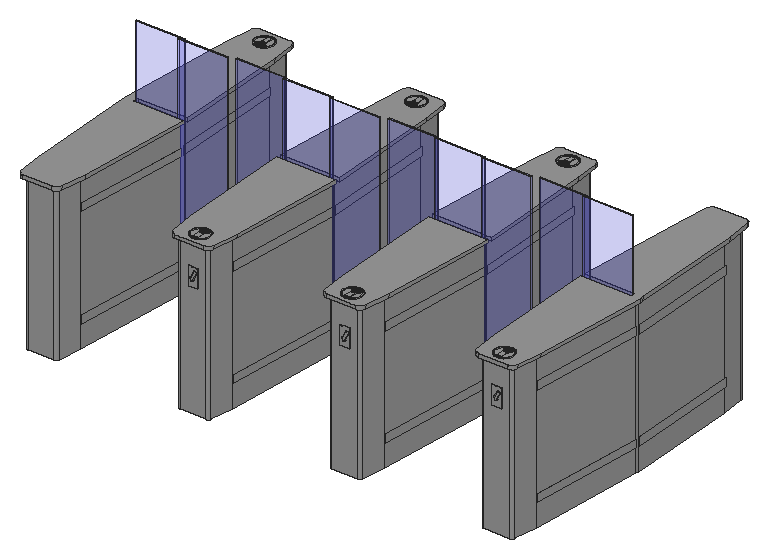
Revit family "ST-02", category Обобщенные модели, Revit 2019
Family settings
  Может служить основой для арматурных стержней = Нет
  Размер круглого соединителя = Использовать диаметр
  Тип детали = Нормальный
  На основе рабочей плоскости = Нет
  Всегда вертикально = Да
  При загрузке вырезать с полостями = Нет
  Общий = Нет
  Точка расчета площади = Нет
Parameters (values of type "3 и более проходов")
  Ширина6в [instance] = Ширина1 + Ширина2а + Ширина3а + Ширина4а + Ширина5а + Ширина6а  # 2946 mm
  Ширина6а [instance] = if(Количество проходов по факту > 5, Ширина6, 0 mm)  # 0 mm
  Ширина6 [instance] = if(and(Тип прохода 6 = Тип1, Тип с 6 = Типс1), 982 mm, if(and(Тип прохода 6 = Тип1, or(Тип с 6 = Типс2, Тип с 6 = Типс3)), 1057 mm, 1432 mm))  # 982 mm
  Ширина5а [instance] = if(Количество проходов по факту > 4, Ширина5, 0 mm)  # 0 mm
  Ширина5 [instance] = if(and(Тип прохода 5 = Тип1, and(Тип с 5 = Типс1, Тип с 6 = Типс1)), 982 mm, if(and(Тип прохода 5 = Тип1, and(or(Тип с 5 = Типс2, Тип с 5 = Типс3), or(Тип с 6 = Типс2, Тип с 6 = Типс3))), 1132 mm, if(and(Тип прохода 5 = Тип1, or(or(Тип с 5 = Типс2, Тип с 5 = Типс3), or(Тип с 6 = Типс2, Тип с 6 = Типс3))), 1057 mm, 1432 mm)))  # 982 mm
  Ширина4а [instance] = if(Количество проходов по факту > 3, Ширина4, 0 mm)  # 0 mm
  Ширина4 [instance] = if(and(Тип прохода 4 = Тип1, and(Тип с 4 = Типс1, Тип с 5 = Типс1)), 982 mm, if(and(Тип прохода 4 = Тип1, and(or(Тип с 4 = Типс2, Тип с 4 = Типс3), or(Тип с 5 = Типс2, Тип с 5 = Типс3))), 1132 mm, if(and(Тип прохода 4 = Тип1, or(or(Тип с 4 = Типс2, Тип с 4 = Типс3), or(Тип с 5 = Типс2, Тип с 5 = Типс3))), 1057 mm, 1432 mm)))  # 982 mm
  Ширина3а [instance] = if(Количество проходов по факту > 2, Ширина3, 0 mm)  # 982 mm
  Ширина3 [instance] = if(and(Тип прохода 3 = Тип1, and(Тип с 3 = Типс1, Тип с 4 = Типс1)), 982 mm, if(and(Тип прохода 3 = Тип1, and(or(Тип с 4 = Типс2, Тип с 3 = Типс3), or(Тип с 4 = Типс2, Тип с 4 = Типс3))), 1132 mm, if(and(Тип прохода 3 = Тип1, or(or(Тип с 3 = Типс2, Тип с 3 = Типс3), or(Тип с 4 = Типс2, Тип с 4 = Типс3))), 1057 mm, 1432 mm)))  # 982 mm
  Ширина2а [instance] = if(Количество проходов по факту > 1, Ширина2, 0 mm)  # 982 mm
  Ширина2 [instance] = if(and(Тип прохода 2 = Тип1, and(Тип с 2 = Типс1, Тип с 3 = Типс1)), 982 mm, if(and(Тип прохода 2 = Тип1, and(or(Тип с 2 = Типс2, Тип с 2 = Типс3), or(Тип с 3 = Типс2, Тип с 3 = Типс3))), 1132 mm, if(and(Тип прохода 2 = Тип1, or(or(Тип с 2 = Типс2, Тип с 2 = Типс3), or(Тип с 3 = Типс2, Тип с 3 = Типс3))), 1057 mm, 1432 mm)))  # 982 mm
  Ширина1 [instance] = if(and(Тип прохода 1 = Тип1, Тип с 2 = Типс1), 982 mm, if(and(Тип прохода 1 = Тип1, or(Тип с 2 = Типс2, Тип с 2 = Типс3)), 1057 mm, 1432 mm))  # 982 mm
  Типс3 [instance] = Для 600 900  # Секция Двусторонняя-STD02 600/900 : Секция Двусторонняя-STD02 600/900
  Типс2с [instance] = Секция Slave-ST02 900 : Секция Slave-ST02 900
  Типс2м [instance] = Секция Master-ST02 900 : Секция Master-ST02 900
  Типс2 [instance] = Секция Двусторонняя-STD02 900 : Секция Двусторонняя-STD02 900
  Типс1с [instance] = Секция Slave-ST02 600 : Секция Slave-ST02 600
  Типс1м [instance] = Секция Master-ST02 600 : Секция Master-ST02 600
  Типс1 [instance] = Секция Двусторонняя-STD02 600 : Секция Двусторонняя-STD02 600
  Тип с 77 [instance] = if(Тип ст 6 = Типст2, Типс2с, Типс1с)  # Секция Slave-ST02 600 : Секция Slave-ST02 600
  Тип с 76 [instance] = if(Тип ст 5 = Типст2, Типс2с, Типс1с)  # Секция Slave-ST02 600 : Секция Slave-ST02 600
  Тип с 75 [instance] = if(Тип ст 4 = Типст2, Типс2с, Типс1с)  # Секция Slave-ST02 600 : Секция Slave-ST02 600
  Тип с 73 [instance] = if(Тип ст 2 = Типст2, Типс2с, Типс1с)  # Секция Slave-ST02 600 : Секция Slave-ST02 600
  Тип с 74 [instance] = if(Тип ст 3 = Типст2, Типс2с, Типс1с)  # Секция Slave-ST02 600 : Секция Slave-ST02 600
  Тип с 1 [instance] = if(Тип ст 1 = Типст2, Типс2м, Типс1м)  # Секция Master-ST02 600 : Секция Master-ST02 600
  Тип с 72 [instance] = if(Тип ст 1 = Типст2, Типс2с, Типс1с)  # Секция Slave-ST02 600 : Секция Slave-ST02 600
  Тип с 6 [instance] = if(and(Тип ст 5 = Типст2, Тип ст 6 = Типст2), Типс2, if(or(Тип ст 5 = Типст2, Тип ст 6 = Типст2), Типс3, Типс1))  # Секция Двусторонняя-STD02 600 : Секция Двусторонняя-STD02 600
  Тип с 5 [instance] = if(and(Тип ст 4 = Типст2, Тип ст 5 = Типст2), Типс2, if(or(Тип ст 4 = Типст2, Тип ст 5 = Типст2), Типс3, Типс1))  # Секция Двусторонняя-STD02 600 : Секция Двусторонняя-STD02 600
  Тип с 4 [instance] = if(and(Тип ст 3 = Типст2, Тип ст 4 = Типст2), Типс2, if(or(Тип ст 3 = Типст2, Тип ст 4 = Типст2), Типс3, Типс1))  # Секция Двусторонняя-STD02 600 : Секция Двусторонняя-STD02 600
  Тип с 3 [instance] = if(and(Тип ст 2 = Типст2, Тип ст 3 = Типст2), Типс2, if(or(Тип ст 2 = Типст2, Тип ст 3 = Типст2), Типс3, Типс1))  # Секция Двусторонняя-STD02 600 : Секция Двусторонняя-STD02 600
  Тип с 2 [instance] = if(and(Тип ст 1 = Типст2, Тип ст 2 = Типст2), Типс2, if(or(Тип ст 1 = Типст2, Тип ст 2 = Типст2), Типс3, Типс1))  # Секция Двусторонняя-STD02 600 : Секция Двусторонняя-STD02 600
  Типст2 [instance] = Створка для ST-02 : Створка 470
  Типст1 [instance] = Створка для ST-02 : Створка 320
  Тип2 [instance] = Проход : Проход 900
  Тип1 [instance] = Проход : Проход 600
  Тип ст 6 [instance] = if(Тип прохода 6 = Тип1, Типст1, if(Тип прохода 6 = Тип2, Типст2, Типст1))  # Створка для ST-02 : Створка 320
  Тип ст 5 [instance] = if(Тип прохода 5 = Тип1, Типст1, if(Тип прохода 5 = Тип2, Типст2, Типст1))  # Створка для ST-02 : Створка 320
  Тип ст 4 [instance] = if(Тип прохода 4 = Тип1, Типст1, if(Тип прохода 4 = Тип2, Типст2, Типст1))  # Створка для ST-02 : Створка 320
  Тип ст 3 [instance] = if(Тип прохода 3 = Тип1, Типст1, if(Тип прохода 3 = Тип2, Типст2, Типст1))  # Створка для ST-02 : Створка 320
  Тип ст 2 [instance] = if(Тип прохода 2 = Тип1, Типст1, if(Тип прохода 2 = Тип2, Типст2, Типст1))  # Створка для ST-02 : Створка 320
  Тип ст 1 [instance] = if(Тип прохода 1 = Тип1, Типст1, if(Тип прохода 1 = Тип2, Типст2, Типст1))  # Створка для ST-02 : Створка 320
  Тип прохода 6 [instance] = Проход : Проход 600
  Тип прохода 5 [instance] = Проход : Проход 600
  Тип прохода 4 [instance] = Проход : Проход 600
  Тип прохода 3 [instance] = Проход : Проход 600
  Тип прохода 2 [instance] = Проход : Проход 600
  Тип прохода 1 [instance] = Проход : Проход 600
  Тип последней секции [instance] = if(Количество проходов по факту = 1, Тип с 72, if(Количество проходов по факту = 2, Тип с 73, if(Количество проходов по факту = 3, Тип с 74, if(Количество проходов по факту = 4, Тип с 75, if(Количество проходов по факту = 5, Тип с 76, if(Количество проходов по факту = 6, Тип с 77, Тип с 77))))))  # Секция Slave-ST02 600 : Секция Slave-ST02 600
  Ст6 [instance] = if(or(Тип ст 5 = Типст2, Тип ст 6 = Типст2), Типст2, Типст1)  # Створка для ST-02 : Створка 320
  Ст5 [instance] = if(or(Тип ст 4 = Типст2, Тип ст 5 = Типст2), Типст2, Типст1)  # Створка для ST-02 : Створка 320
  Ст4 [instance] = if(or(Тип ст 3 = Типст2, Тип ст 4 = Типст2), Типст2, Типст1)  # Створка для ST-02 : Створка 320
  Ст3 [instance] = if(or(Тип ст 2 = Типст2, Тип ст 3 = Типст2), Типст2, Типст1)  # Створка для ST-02 : Створка 320
  Ст2 [instance] = if(or(Тип ст 1 = Типст2, Тип ст 2 = Типст2), Типст2, Типст1)  # Створка для ST-02 : Створка 320
  Р7 [instance] = if(Тип с 72 = Типс1с, 311 mm, 386 mm)  # 311 mm
  Р6 [instance] = if(Тип с 6 = Типс1, 311 mm, 386 mm)  # 311 mm
  Р5 [instance] = if(Тип с 5 = Типс1, 311 mm, 386 mm)  # 311 mm
  Р4 [instance] = if(Тип с 4 = Типс1, 311 mm, 386 mm)  # 311 mm
  Р3 [instance] = if(Тип с 3 = Типс1, 311 mm, 386 mm)  # 311 mm
  Р2 [instance] = if(Тип с 2 = Типс1, 311 mm, 386 mm)  # 311 mm
  Р1 [instance] = if(Тип с 1 = Типс1м, 311 mm, 386 mm)  # 311 mm
  Пропускная способность = "if(Количество проходов = 1, \" до 60 чел/мин\", if(Количество проходов = 2, \" до 120 чел/мин\", if(Количество проходов = 3, \" до 180 чел/мин\", if(Количество проходов = 4, \" до 240 чел/мин\", if(Количество проходов = 5, \" до 300 чел/мин\", if(Количество проходов = 6, \" до 360 чел/мин\", \"0\"))))))"
  Количество проходов тип = 3
  Количество проходов по факту [instance] = if(Количество проходов тип = 1, 1, if(Количество проходов тип = 2, 2, Количество проходов))  # 3
  Количество проходов [instance] = 3
  Для 600 900 = Секция Двусторонняя-STD02 600/900 : Секция Двусторонняя-STD02 600/900
  Вс6 [instance] = Количество проходов по факту > 5  # no
  Вс5 [instance] = Количество проходов по факту > 4  # no
  Вс4 [instance] = Количество проходов по факту > 3  # no
  Вс3 [instance] = Количество проходов по факту > 2  # yes
  Вс2 [instance] = Количество проходов по факту > 1  # yes
  ADSK_Примечание = ""
  ADSK_Номинальная мощность = 160 W
  ADSK_Напряжение = 24 V
  ADSK_Наименование краткое = "Скоростной проход ST-02"
  ADSK_Наименование = "Турникет \"Скоростной проход\" PERCo-ST-02"
  ADSK_Завод-изготовитель = "PERCo"
  ADSK_URL страницы изделия = "https://www.perco.ru/products/skorostnoy-prokhod-st-02-atg-600.php"
Reference planes
  plane 1 "По центру (Вперед/Назад)": y = 0
  plane 2: z = 0
  plane 3 "По центру (Влево/Вправо)": x = 0
  plane 4: x = 982
  plane 5: x = 1964
  plane 6: x = 2946
  plane 7: x = 2946
  plane 8: x = 2946
  plane 9: x = 2946
  plane 10: x = 311
  plane 11: x = 671
  plane 12: x = 1293
  plane 13: x = 1653
  plane 14: x = 2275
  plane 15: x = 2635
  plane 16: x = 3257
  plane 17: x = 2635
  plane 18: x = 3257
  plane 19: x = 2635
  plane 20: x = 3257
  plane 21: x = 2635
  plane 22: x = 491
Lines and regions (mm)
  model lines
    curve 1: line (0, 0, 0) -> (0, 0, 180)
    curve 2: line (982, 0, 0) -> (982, 0, 180)
    curve 3: line (1964, 0, 0) -> (1964, 0, 180)
    curve 4: line (2946, 0, 0) -> (2946, 0, 180)
    curve 5: line (2946, 0, 0) -> (2946, 0, 180)
    curve 6: line (2946, 0, 0) -> (2946, 0, 180)
    curve 7: line (2946, 0, 0) -> (2946, 0, 180)
Dimensions and locks
  "Р7": plane 9 to plane 21
  "Ширина1": plane 3 "По центру (Влево/Вправо)" to plane 4
  "Ширина2а": plane 4 to plane 5
  "Ширина3а": plane 5 to plane 6
  "Ширина4а": plane 6 to plane 7
  "Ширина5а": plane 7 to plane 8
  "Ширина6в": plane 3 "По центру (Влево/Вправо)" to plane 9
  "Р1": plane 10 to plane 3 "По центру (Влево/Вправо)"
  "Р3": plane 14 to plane 5 to plane 13
  "Р4": plane 16 to plane 6 to plane 15
  "Р5": plane 18 to plane 7 to plane 17
  "Р6": plane 20 to plane 8 to plane 19
  "Р2": plane 4 to plane 11
  "Р2": plane 12 to plane 4
  equal spacing: plane 3 "По центру (Влево/Вправо)", plane 22, plane 4
  aligned and locked: level to plane 2
  aligned and locked: plane 3 "По центру (Влево/Вправо)" to nested 1
  aligned and locked: plane 4 to nested 2
  aligned and locked: plane 5 to nested 3
  aligned and locked: plane 6 to nested 4
  aligned and locked: plane 7 to nested 5
  aligned and locked: plane 8 to nested 6
  aligned and locked: plane 9 to nested 7
  aligned and locked: nested 8 to plane 10
  aligned and locked: plane 20 to nested 13
  aligned and locked: plane 18 to nested 12
  aligned and locked: plane 16 to nested 11
  aligned and locked: plane 21 to nested 15
  aligned and locked: plane 19 to nested 16
  aligned and locked: plane 17 to nested 17
  aligned and locked: plane 15 to nested 18
  aligned and locked: plane 13 to nested 19
  aligned and locked: plane 14 to nested 10
  aligned and locked: plane 11 to nested 14
  aligned and locked: plane 12 to nested 9
  aligned and locked: plane 3 "По центру (Влево/Вправо)" to curve 1
  aligned and locked: plane 4 to curve 2
  aligned and locked: plane 5 to curve 3
  aligned and locked: plane 6 to curve 4
  aligned and locked: plane 7 to curve 5
  aligned and locked: plane 8 to curve 6
  aligned and locked: plane 9 to curve 7
  aligned and locked: plane 22 to nested 20
Automatic sketch dimensions
  curve 1 to level = 0 mm
  curve 6 to level = 0 mm
  curve 2 to level = 0 mm
  curve 5 to level = 0 mm
  curve 3 to level = 0 mm
  curve 4 to level = 0 mm
  curve 7 to level = 0 mm
  level to curve 2 = 180 mm
  level to curve 5 = 180 mm
  level to curve 1 = 180 mm
  level to curve 6 = 180 mm
  level to curve 4 = 180 mm
  level to curve 3 = 180 mm
  level to curve 7 = 180 mm
Nested families
  nested 1: "Секция Master-ST02 600" at (0, 0, 0), type <- "Тип с 1", type "Секция Master-ST02 600"
  nested 2: "Секция Двусторонняя-STD02 600" at (982, 0, 0), visible <- "Вс2", type <- "Тип с 2", type "Секция Двусторонняя-STD02 600"
  nested 3: "Секция Двусторонняя-STD02 600" at (1964, 0, 0), visible <- "Вс3", type <- "Тип с 3", type "Секция Двусторонняя-STD02 600"
  nested 4: "Секция Двусторонняя-STD02 600" at (2946, 0, 0), visible <- "Вс4", type <- "Тип с 4", type "Секция Двусторонняя-STD02 600"
  nested 5: "Секция Двусторонняя-STD02 600" at (2946, 0, 0), visible <- "Вс5", type <- "Тип с 5", type "Секция Двусторонняя-STD02 600"
  nested 6: "Секция Двусторонняя-STD02 600" at (2946, 0, 0), visible <- "Вс6", type <- "Тип с 6", type "Секция Двусторонняя-STD02 600"
  nested 7: "Секция Slave-ST02 600" at (2946, 0, 0), type <- "Тип последней секции", type "Секция Slave-ST02 600"
  nested 8: "Створка для ST-02" at (311, -10, 250), type <- "Тип ст 1", type "Створка 320"
    with ADSK_Количество 0.5
  nested 9: "Створка для ST-02" at (1293, -10, 250), visible <- "Вс2", type <- "Тип ст 2", type "Створка 320"
    with ADSK_Количество 0.5
  nested 10: "Створка для ST-02" at (2275, -10, 250), visible <- "Вс3", type <- "Тип ст 3", type "Створка 320"
    with ADSK_Количество 0.5
  nested 11: "Створка для ST-02" at (3257, -10, 250), visible <- "Вс4", type <- "Тип ст 4", type "Створка 320"
    with ADSK_Количество 0.5
  nested 12: "Створка для ST-02" at (3257, -10, 250), visible <- "Вс5", type <- "Тип ст 5", type "Створка 320"
    with ADSK_Количество 0.5
  nested 13: "Створка для ST-02" at (3257, -10, 250), visible <- "Вс6", type <- "Тип ст 6", type "Створка 320"
    with ADSK_Количество 0.5
  nested 14: "Створка для ST-02" at (671, 10, 250) x (-1, 0, 0) z (0, 0, 1), type <- "Тип ст 1", type "Створка 320"
    with ADSK_Количество 0.5
  nested 15: "Створка для ST-02" at (2635, 10, 250) x (-1, 0, 0) z (0, 0, 1), visible <- "Вс6", type <- "Тип ст 6", type "Створка 320"
    with ADSK_Количество 0.5
  nested 16: "Створка для ST-02" at (2635, 10, 250) x (-1, 0, 0) z (0, 0, 1), type <- "Тип ст 5", visible <- "Вс5", type "Створка 320"
    with ADSK_Количество 0.5
  nested 17: "Створка для ST-02" at (2635, 10, 250) x (-1, 0, 0) z (0, 0, 1), visible <- "Вс4", type <- "Тип ст 4", type "Створка 320"
    with ADSK_Количество 0.5
  nested 18: "Створка для ST-02" at (2635, 10, 250) x (-1, 0, 0) z (0, 0, 1), visible <- "Вс3", type <- "Тип ст 3", type "Створка 320"
    with ADSK_Количество 0.5
  nested 19: "Створка для ST-02" at (1653, 10, 250) x (-1, 0, 0) z (0, 0, 1), visible <- "Вс2", type <- "Тип ст 2", type "Створка 320"
    with ADSK_Количество 0.5
  nested 20: "Стрелка" at (491, 840, 0), type "Стрелка"
Connectors
  electrical at (0, 0, 0)
    settings: on curve 1, index 1, voltage 24 V, apparent load 204 VA, apparent load phase1 0 VA, apparent load phase2 0 VA, apparent load phase3 0 VA, power factor 1, load classification "Прочее", number of poles 1, system type 30, power factor state 1, is connector primary yes, connector utility no, sub classification motor no, connector description ""
  electrical at (982, 0, 0)
    settings: on curve 2, index 2, voltage 24 V, apparent load 204 VA, apparent load phase1 0 VA, apparent load phase2 0 VA, apparent load phase3 0 VA, power factor 1, load classification "Прочее", number of poles 1, system type 30, power factor state 1, is connector primary no, connector utility no, sub classification motor no, connector description ""
  electrical at (1964, 0, 0)
    settings: on curve 3, index 3, voltage 24 V, apparent load 204 VA, apparent load phase1 0 VA, apparent load phase2 0 VA, apparent load phase3 0 VA, power factor 1, load classification "Прочее", number of poles 1, system type 30, power factor state 1, is connector primary no, connector utility no, sub classification motor no, connector description ""
  electrical at (2946, 0, 0)
    settings: on curve 4, index 4, voltage 24 V, apparent load 204 VA, apparent load phase1 0 VA, apparent load phase2 0 VA, apparent load phase3 0 VA, power factor 1, load classification "Прочее", number of poles 1, system type 30, power factor state 1, is connector primary no, connector utility no, sub classification motor no, connector description ""
  electrical at (2946, 0, 0)
    settings: on curve 5, index 5, voltage 24 V, apparent load 204 VA, apparent load phase1 0 VA, apparent load phase2 0 VA, apparent load phase3 0 VA, power factor 1, load classification "Прочее", number of poles 1, system type 30, power factor state 1, is connector primary no, connector utility no, sub classification motor no, connector description ""
  electrical at (2946, 0, 0)
    settings: on curve 6, index 6, voltage 24 V, apparent load 204 VA, apparent load phase1 0 VA, apparent load phase2 0 VA, apparent load phase3 0 VA, power factor 1, load classification "Прочее", number of poles 1, system type 30, power factor state 1, is connector primary no, connector utility no, sub classification motor no, connector description ""
  electrical at (2946, 0, 0)
    settings: on curve 7, index 7, voltage 24 V, apparent load 204 VA, apparent load phase1 0 VA, apparent load phase2 0 VA, apparent load phase3 0 VA, power factor 1, load classification "Прочее", number of poles 1, system type 30, power factor state 1, is connector primary no, connector utility no, sub classification motor no, connector description ""
Definition of nested family "Секция Master-ST02 600"
  Parameters (values of type "Секция Master-ST02 600")
    Ширина секции = 382 mm
    Ширина нижней части = Ширина секции - 60 mm  # 322 mm
    Температура использования = "от +1°С до +50°С"
    Пропускная способность = "до 60 чел / мин"
    Подключение к электросети = "220 В"
    Габаритные размеры = "1923×1364×1482 мм при створке 600 мм"
    Верх [instance] = yes
    ADSK_Ток = "8,5 А"
    ADSK_Номинальная мощность = "204 Вт"
    ADSK_Напряжение = "24 В постоянного тока"
    ADSK_Наименование краткое = "Скоростной проход ST-02"
    ADSK_Наименование = "Турникет \"Скоростной проход\" PERCo-ST-02"
    ADSK_Материал наименование = "Секции - нержавеющая сталь.\r\nВерхние крышки, раздвижные створки и панели запонения – закаленное стекло толщиной 10 мм."
    ADSK_Масса_Текст = "от 424 кг"
    ADSK_Количество = 1
    ADSK_Завод-изготовитель = "PERCo"
    ADSK_Единица измерения = "шт"
    ADSK_URL страницы изделия = "https://www.perco.ru/products/skorostnoy-prokhod-st-02-atg-600.php"
  Reference planes
    plane 1 "По центру (Вперед/Назад)": y = 0
    plane 2: z = 0
    plane 3 "По центру (Влево/Вправо)": x = 0
    plane 4: x = -191
    plane 5: x = 191
    plane 6: x = -161
    plane 7: x = 161
  Forms (mm)
    Extrusion 1, solid
      sketch origin (0, 0, 0) x (1, 0, 0) y (0, 1, 0)
        loop
          line (-83.166, -931.5) -> (83.166, -931.5)
          arc (83.166, -931.5) -> (96.374, -926.519) -> (103.002, -914.056) r 20
          arc (103.002, -914.056) -> (112.453, -837.397) -> (121.067, -760.641) r 7075.064
          line (121.067, -760.641) -> (-121.067, -760.641)
          arc (-121.067, -760.641) -> (-112.453, -837.397) -> (-103.002, -914.056) r 7075.064
          arc (-103.002, -914.056) -> (-96.374, -926.519) -> (-83.166, -931.5) r 20
        loop
          arc (-83.166, 931.5) -> (-96.374, 926.519) -> (-103.002, 914.056) r 20
          arc (-103.002, 914.056) -> (-112.453, 837.397) -> (-121.067, 760.641) r 7075.064
          line (-121.067, 760.641) -> (121.067, 760.641)
          arc (121.067, 760.641) -> (112.453, 837.397) -> (103.002, 914.056) r 7075.064
          arc (103.002, 914.056) -> (96.374, 926.519) -> (83.166, 931.5) r 20
          line (83.166, 931.5) -> (-83.166, 931.5)
      from 0 to 1000
    Extrusion 2, solid
      sketch origin (0, 0, 0) x (1, 0, 0) y (0, 1, 0)
        loop
          arc (-121.067, 760.641) -> (-151.01, 385.851) -> (-161, 10) r 7075.064
          line (-161, 10) -> (-161, -10)
          arc (-161, -10) -> (-151.01, -385.851) -> (-121.067, -760.641) r 7075.064
          line (-121.067, -760.641) -> (121.067, -760.641)
          arc (121.067, -760.641) -> (151.01, -385.851) -> (161, -10) r 7075.064
          line (161, -10) -> (161, 10)
          arc (161, 10) -> (151.01, 385.851) -> (121.067, 760.641) r 7075.064
          line (121.067, 760.641) -> (-121.067, 760.641)
      from 0 to 1000
    Extrusion 3, void
      sketch origin (0, 0, 0) x (1, 0, 0) y (0, 1, 0)
        loop
          line (-136, 15) -> (-136, -15) -> (191, -15) -> (191, 15) -> (-136, 15)
      from 250 to 1000
    Extrusion 4, solid
      sketch origin (0, 0, 0) x (1, 0, 0) y (0, 1, 0)
        loop
          line (-191, 10) -> (-191, -10)
          arc (-191, -10) -> (-180.967, -387.445) -> (-150.898, -763.824) r 7105.064
          arc (-150.898, -763.824) -> (-141.209, -849.678) -> (-130.477, -935.407) r 7105.064
          arc (-130.477, -935.407) -> (-115.816, -954.335) -> (-92.972, -961.5) r 40
          line (-92.972, -961.5) -> (91.955, -961.5)
          arc (91.955, -961.5) -> (118.351, -951.553) -> (131.62, -926.661) r 40
          arc (131.62, -926.661) -> (141.729, -845.298) -> (150.898, -763.824) r 7105.064
          arc (150.898, -763.824) -> (180.834, -389.941) -> (190.998, -15) r 7105.064
          line (190.998, -15) -> (-136, -15) -> (-136, 15) -> (190.998, 15)
          arc (190.998, 15) -> (180.834, 389.941) -> (150.898, 763.824) r 7105.064
          arc (150.898, 763.824) -> (141.729, 845.298) -> (131.62, 926.661) r 7105.064
          arc (131.62, 926.661) -> (118.351, 951.553) -> (91.955, 961.5) r 40
          line (91.955, 961.5) -> (-91.955, 961.5)
          arc (-91.955, 961.5) -> (-118.351, 951.553) -> (-131.62, 926.661) r 40
          arc (-131.62, 926.661) -> (-141.729, 845.298) -> (-150.898, 763.824) r 7105.064
          arc (-150.898, 763.824) -> (-180.967, 387.445) -> (-191, 10) r 7105.064
      from 1000 to 1021
    Extrusion 5, solid
      sketch origin (0, 0, 0) x (1, 0, 0) y (0, 1, 0)
        loop
          line (-121.067, 760.641) -> (-126.095, 760.641)
          arc (-126.095, 760.641) -> (-155.884, 388.347) -> (-165.998, 15) r 7080.064
          line (-165.998, 15) -> (-160.998, 15)
          arc (-160.998, 15) -> (-150.876, 388.347) -> (-121.067, 760.641) r 7075.064
        loop
          line (160.998, 15) -> (165.998, 15)
          arc (165.998, 15) -> (155.884, 388.347) -> (126.095, 760.641) r 7080.064
          line (126.095, 760.641) -> (121.067, 760.641)
          arc (121.067, 760.641) -> (150.876, 388.347) -> (160.998, 15) r 7075.064
        loop
          line (-160.998, -15) -> (-165.998, -15)
          arc (-165.998, -15) -> (-155.884, -388.347) -> (-126.095, -760.641) r 7080.064
          line (-126.095, -760.641) -> (-121.067, -760.641)
          arc (-121.067, -760.641) -> (-150.876, -388.347) -> (-160.998, -15) r 7075.064
        loop
          line (121.067, -760.641) -> (126.095, -760.641)
          arc (126.095, -760.641) -> (155.884, -388.347) -> (165.998, -15) r 7080.064
          line (165.998, -15) -> (160.998, -15)
          arc (160.998, -15) -> (150.876, -388.347) -> (121.067, -760.641) r 7075.064
      from 800 to 850
    Extrusion 6, solid
      sketch origin (0, 0, 0) x (1, 0, 0) y (0, 1, 0)
        loop
          line (-121.067, 760.641) -> (-126.095, 760.641)
          arc (-126.095, 760.641) -> (-155.884, 388.347) -> (-165.998, 15) r 7080.064
          line (-165.998, 15) -> (-160.998, 15)
          arc (-160.998, 15) -> (-150.876, 388.347) -> (-121.067, 760.641) r 7075.064
        loop
          line (160.998, 15) -> (165.998, 15)
          arc (165.998, 15) -> (155.884, 388.347) -> (126.095, 760.641) r 7080.064
          line (126.095, 760.641) -> (121.067, 760.641)
          arc (121.067, 760.641) -> (150.876, 388.347) -> (160.998, 15) r 7075.064
        loop
          line (-160.998, -15) -> (-165.998, -15)
          arc (-165.998, -15) -> (-155.884, -388.347) -> (-126.095, -760.641) r 7080.064
          line (-126.095, -760.641) -> (-121.067, -760.641)
          arc (-121.067, -760.641) -> (-150.876, -388.347) -> (-160.998, -15) r 7075.064
        loop
          line (121.067, -760.641) -> (126.095, -760.641)
          arc (126.095, -760.641) -> (155.884, -388.347) -> (165.998, -15) r 7080.064
          line (165.998, -15) -> (160.998, -15)
          arc (160.998, -15) -> (150.876, -388.347) -> (121.067, -760.641) r 7075.064
      from 150 to 200
    Extrusion 7, solid, visible <- "Верх"
      sketch origin (0, 41.5, 0) x (1, 0, 0) y (0, 1, 0)
        loop
          circle (0, 830) r 60
        loop
          circle (0, 830) r 55
        loop
          line (0, 874.437) -> (-15, 874.437) -> (-15, 824.437) -> (15, 824.437) -> (15, 874.437) -> (0, 874.437)
        loop
          arc (-15, 814.437) -> (-17.035, 813.838) -> (-16.435, 811.803) r 1.5
          arc (-16.435, 811.803) -> (0, 807.617) -> (16.435, 811.803) r 34.358
          arc (16.435, 811.803) -> (17.035, 813.838) -> (15, 814.437) r 1.5
          arc (15, 814.437) -> (0, 810.617) -> (-15, 814.437) r 31.358
        loop
          arc (22.354, 805.884) -> (0.116, 797.617) -> (-22.178, 805.734) r 34.358
          arc (-22.178, 805.734) -> (-24.391, 805.819) -> (-24.306, 803.606) r 1.509
          arc (-24.306, 803.606) -> (0.116, 794.617) -> (24.481, 803.757) r 37.358
          arc (24.481, 803.757) -> (24.567, 805.969) -> (22.354, 805.884) r 1.509
        loop
          arc (30.638, 797.6) -> (30.266, 799.688) -> (28.178, 799.316) r 1.5
          arc (28.178, 799.316) -> (0, 784.617) -> (-28.178, 799.316) r 34.358
          arc (-28.178, 799.316) -> (-30.266, 799.688) -> (-30.638, 797.6) r 1.5
          arc (-30.638, 797.6) -> (0, 781.617) -> (30.638, 797.6) r 37.358
      from 1021 to 1022
    Extrusion 8, solid
      sketch origin (0, 41.5, 0) x (1, 0, 0) y (0, 0, 1)
        loop
          line (0, 855) -> (-30, 855) -> (-30, 735) -> (30, 735) -> (30, 855) -> (0, 855)
        loop
          line (16.618, 786.68) -> (-6.856, 830.828) -> (-15.685, 826.133) -> (-24.515, 821.438) -> (-1.041, 777.291) -> (-5.456, 774.943) -> (16.181, 766.202) -> (21.033, 789.028) -> (16.618, 786.68)
      from -891 to -890
    Extrusion 9, solid
      sketch origin (0, 41.5, 0) x (1, 0, 0) y (0, 0, 1)
        loop
          line (-15.685, 826.133) -> (-24.515, 821.438) -> (-1.041, 777.291) -> (-5.456, 774.943) -> (16.181, 766.202) -> (21.033, 789.028) -> (16.618, 786.68) -> (-6.856, 830.828) -> (-15.685, 826.133)
      from -891 to -890
  Cuts and joins
    Extrusion 3 cuts Extrusion 2
  Dimensions and locks
    equal spacing: plane 4, plane 3 "По центру (Влево/Вправо)", plane 5
    "Ширина секции": plane 4 to plane 5
    equal spacing: plane 6, plane 3 "По центру (Влево/Вправо)", plane 7
    "Ширина нижней части": plane 6 to plane 7
    aligned and locked: level to plane 2
    aligned and locked: Extrusion 2 to plane 6
    aligned and locked: plane 7 to Extrusion 2
    aligned and locked: Extrusion 4 to plane 4
  Automatic sketch dimensions
    Extrusion 2 sketch curve to plane 6 = 0 mm
    Extrusion 2 sketch curve to plane 7 = 0 mm
    plane 1 "По центру (Вперед/Назад)" to Extrusion 2 sketch curve = 10 mm  (x2)
    Extrusion 2 sketch curve to plane 4 = 6723.064 mm
    Extrusion 2 sketch curve to plane 1 "По центру (Вперед/Назад)" = 10 mm  (x2)
    Extrusion 2 sketch curve to Extrusion 2 sketch curve = 0 mm
    plane 6 to Extrusion 2 sketch curve = 39.933 mm  (x2)
    Extrusion 2 sketch curve to plane 7 = 39.933 mm  (x2)
    Extrusion 3 sketch curve to plane 5 = 0 mm
    plane 6 to Extrusion 3 sketch curve = 25 mm
    plane 1 "По центру (Вперед/Назад)" to Extrusion 3 sketch curve = 15 mm
    Extrusion 3 sketch curve to plane 1 "По центру (Вперед/Назад)" = 15 mm
    Extrusion 5 sketch curve to Extrusion 5 sketch curve = 0 mm  (x11)
    Extrusion 5 sketch curve to plane 1 "По центру (Вперед/Назад)" = 10 mm  (x2)
    Extrusion 5 sketch curve to plane 4 = 6723.064 mm
    Extrusion 5 sketch curve to plane 6 = 4.998 mm  (x2)
    plane 6 to Extrusion 5 sketch curve = 0.002 mm  (x2)
    plane 6 to Extrusion 5 sketch curve = 34.905 mm  (x2)
    Extrusion 5 sketch curve to plane 7 = 39.933 mm  (x2)
    Extrusion 5 sketch curve to Extrusion 5 sketch curve = 5.028 mm  (x2)
    Extrusion 5 sketch curve to plane 7 = 0.002 mm  (x2)
    plane 1 "По центру (Вперед/Назад)" to Extrusion 5 sketch curve = 10 mm
    plane 5 to Extrusion 5 sketch curve = 6723.064 mm
    plane 1 "По центру (Вперед/Назад)" to Extrusion 5 sketch curve = 15 mm  (x2)
    Extrusion 5 sketch curve to plane 1 "По центру (Вперед/Назад)" = 15 mm  (x2)
    Extrusion 6 sketch curve to Extrusion 6 sketch curve = 0 mm  (x11)
    Extrusion 6 sketch curve to plane 1 "По центру (Вперед/Назад)" = 10 mm  (x2)
    Extrusion 6 sketch curve to plane 4 = 6723.064 mm
    Extrusion 6 sketch curve to plane 6 = 4.998 mm  (x2)
    plane 6 to Extrusion 6 sketch curve = 0.002 mm  (x2)
    plane 6 to Extrusion 6 sketch curve = 34.905 mm  (x2)
    Extrusion 6 sketch curve to plane 7 = 39.933 mm  (x2)
    Extrusion 6 sketch curve to Extrusion 6 sketch curve = 5.028 mm  (x2)
    Extrusion 6 sketch curve to plane 7 = 0.002 mm  (x2)
    plane 1 "По центру (Вперед/Назад)" to Extrusion 6 sketch curve = 10 mm
    plane 5 to Extrusion 6 sketch curve = 6723.064 mm
    plane 1 "По центру (Вперед/Назад)" to Extrusion 6 sketch curve = 15 mm  (x2)
    Extrusion 6 sketch curve to plane 1 "По центру (Вперед/Назад)" = 15 mm  (x2)
    Extrusion 7 sketch curve to Extrusion 7 sketch curve = 0 mm  (x22)
    Extrusion 7 sketch curve to plane 5 = 220.408 mm
    Extrusion 7 sketch curve to Extrusion 7 sketch curve = 6.084 mm
    Extrusion 7 sketch curve to Extrusion 7 sketch curve = 7.607 mm
    Extrusion 7 sketch curve to Extrusion 7 sketch curve = 0.718 mm  (x3)
    Extrusion 7 sketch curve to Extrusion 7 sketch curve = 15 mm  (x4)
    Extrusion 7 sketch curve to Extrusion 7 sketch curve = 7.782 mm
    Extrusion 7 sketch curve to Extrusion 7 sketch curve = 5.908 mm
    Extrusion 7 sketch curve to plane 1 "По центру (Вперед/Назад)" = 839.958 mm
    Extrusion 7 sketch curve to Extrusion 7 sketch curve = 6.294 mm
    Extrusion 7 sketch curve to Extrusion 7 sketch curve = 6.444 mm
    Extrusion 7 sketch curve to Extrusion 7 sketch curve = 8.218 mm
    Extrusion 7 sketch curve to Extrusion 7 sketch curve = 8.368 mm
    Extrusion 7 sketch curve to Extrusion 7 sketch curve = 5.855 mm
    Extrusion 7 sketch curve to Extrusion 7 sketch curve = 11.317 mm
    Extrusion 7 sketch curve to Extrusion 7 sketch curve = 11.025 mm
    Extrusion 7 sketch curve to Extrusion 7 sketch curve = 1.975 mm
    Extrusion 7 sketch curve to Extrusion 7 sketch curve = 10 mm
    Extrusion 7 sketch curve to Extrusion 7 sketch curve = 32.463 mm
    Extrusion 7 sketch curve to Extrusion 7 sketch curve = 1.23 mm
    Extrusion 7 sketch curve to Extrusion 7 sketch curve = 29.362 mm
    Extrusion 7 sketch curve to Extrusion 7 sketch curve = 0.982 mm
    Extrusion 7 sketch curve to Extrusion 7 sketch curve = 1.146 mm  (x2)
    Extrusion 8 sketch curve to plane 5 = 221 mm
    Extrusion 8 sketch curve to Extrusion 8 sketch curve = 5.485 mm
    Extrusion 8 sketch curve to Extrusion 8 sketch curve = 8.829 mm  (x2)
    Extrusion 8 sketch curve to Extrusion 8 sketch curve = 24.544 mm
    Extrusion 8 sketch curve to Extrusion 8 sketch curve = 4.415 mm  (x2)
    Extrusion 8 sketch curve to Extrusion 8 sketch curve = 6.856 mm
    Extrusion 8 sketch curve to Extrusion 8 sketch curve = 17.222 mm
    Extrusion 8 sketch curve to Extrusion 8 sketch curve = 17.659 mm
    Extrusion 8 sketch curve to Extrusion 8 sketch curve = 30 mm
    level to Extrusion 8 sketch curve = 735 mm
    Extrusion 8 sketch curve to Extrusion 8 sketch curve = 31.202 mm
    Extrusion 8 sketch curve to Extrusion 8 sketch curve = 8.742 mm
    Extrusion 8 sketch curve to Extrusion 8 sketch curve = 2.347 mm
    Extrusion 8 sketch curve to Extrusion 8 sketch curve = 9.389 mm
    Extrusion 8 sketch curve to Extrusion 8 sketch curve = 24.172 mm
    Extrusion 9 sketch curve to plane 5 = 215.515 mm
    Extrusion 9 sketch curve to Extrusion 9 sketch curve = 8.829 mm  (x2)
    Extrusion 9 sketch curve to Extrusion 9 sketch curve = 19.059 mm
    Extrusion 9 sketch curve to Extrusion 9 sketch curve = 4.415 mm  (x2)
    Extrusion 9 sketch curve to Extrusion 9 sketch curve = 17.222 mm
    Extrusion 9 sketch curve to Extrusion 9 sketch curve = 17.659 mm
    level to Extrusion 9 sketch curve = 766.202 mm
    Extrusion 9 sketch curve to Extrusion 9 sketch curve = 8.742 mm
    Extrusion 9 sketch curve to Extrusion 9 sketch curve = 2.347 mm
    Extrusion 9 sketch curve to Extrusion 9 sketch curve = 9.389 mm
    plane 1 "По центру (Вперед/Назад)" to Extrusion 1 sketch curve = 10 mm  (x2)
    Extrusion 1 sketch curve to plane 4 = 6723.064 mm
    Extrusion 1 sketch curve to plane 1 "По центру (Вперед/Назад)" = 10 mm  (x2)
    Extrusion 1 sketch curve to Extrusion 1 sketch curve = 0 mm  (x3)
    plane 6 to Extrusion 1 sketch curve = 39.933 mm  (x2)
    plane 6 to Extrusion 1 sketch curve = 77.834 mm  (x2)
    plane 3 "По центру (Влево/Вправо)" to Extrusion 1 sketch curve = 83.166 mm
    Extrusion 1 sketch curve to plane 7 = 77.834 mm
    Extrusion 1 sketch curve to plane 7 = 39.933 mm  (x2)
    plane 5 to Extrusion 1 sketch curve = 6723.064 mm
    plane 1 "По центру (Вперед/Назад)" to Extrusion 1 sketch curve = 760.641 mm
    Extrusion 1 sketch curve to Extrusion 1 sketch curve = 150.859 mm  (x3)
    Extrusion 1 sketch curve to Extrusion 1 sketch curve = 20 mm  (x2)
    Extrusion 1 sketch curve to plane 1 "По центру (Вперед/Назад)" = 760.641 mm
    Extrusion 4 sketch curve to Extrusion 4 sketch curve = 0 mm  (x12)
    Extrusion 4 sketch curve to plane 4 = 0 mm
    Extrusion 4 sketch curve to plane 1 "По центру (Вперед/Назад)" = 10 mm  (x2)
    Extrusion 4 sketch curve to plane 4 = 6723.064 mm
    plane 6 to Extrusion 4 sketch curve = 25 mm
    plane 6 to Extrusion 4 sketch curve = 68.028 mm
    plane 6 to Extrusion 4 sketch curve = 69.045 mm
    Extrusion 4 sketch curve to plane 7 = 69.045 mm  (x2)
    Extrusion 4 sketch curve to plane 5 = 0.002 mm  (x2)
    plane 1 "По центру (Вперед/Назад)" to Extrusion 4 sketch curve = 10 mm  (x2)
    plane 1 "По центру (Вперед/Назад)" to Extrusion 4 sketch curve = 15 mm
    Extrusion 4 sketch curve to Extrusion 4 sketch curve = 906.5 mm  (x2)
    Extrusion 4 sketch curve to Extrusion 4 sketch curve = 40 mm  (x2)
    Extrusion 4 sketch curve to plane 1 "По центру (Вперед/Назад)" = 15 mm
    plane 6 to Extrusion 4 sketch curve = 10.102 mm  (x2)
    Extrusion 4 sketch curve to Extrusion 4 sketch curve = 37.504 mm
    Extrusion 4 sketch curve to plane 7 = 10.102 mm  (x2)
    radius of Extrusion 7 sketch curve = 55 mm
  Nested families
    nested 1: "Створка для секции" at (27.224, 0, 250), type "Створка 300"
  Definition of nested family "Створка для секции"
    Parameters (values of type "Створка 470")
      Ширина = 470 mm
    Types (2, lengths in mm): name | Ширина
      Створка 300 | 320
      Створка 470 | 470
    Reference planes
      plane 1 "По центру (Вперед/Назад)": y = 0
      plane 2: z = 0
      plane 3 "По центру (Влево/Вправо)": x = 0
      plane 4: x = -160
      plane 5: x = 310
    Forms (mm)
      Extrusion 1, solid
        sketch origin (0, 0, 0) x (1, 0, 0) y (0, 0, 1)
          loop
            line (-160, 0) -> (310, 0) -> (310, 1232) -> (-160, 1232) -> (-160, 0)
        from -5 to 5
    Dimensions and locks
      "Ширина": plane 4 to plane 5
      locked: plane 4 to plane 3 "По центру (Влево/Вправо)" at 160
      aligned and locked: level to plane 2
    Automatic sketch dimensions
      plane 4 to Extrusion 1 sketch curve = 0 mm
      Extrusion 1 sketch curve to level = 0 mm
      plane 5 to Extrusion 1 sketch curve = 0 mm
      level to Extrusion 1 sketch curve = 1232 mm
Definition of nested family "Секция Двусторонняя-STD02 600"
  Parameters (values of type "Секция Двусторонняя-STD02 600")
    Ширина секции = 382 mm
    Ширина нижней части = Ширина секции - 60 mm  # 322 mm
    Температура использования = "от +1°С до +50°С"
    Пропускная способность = "до 60 чел / мин"
    Подключение к электросети = "220 В"
    Габаритные размеры = "1923×1364×1482 мм при створке 600 мм"
    Верх [instance] = yes
    ADSK_Ток = "8,5 А"
    ADSK_Номинальная мощность = "204 Вт"
    ADSK_Напряжение = "24 В постоянного тока"
    ADSK_Наименование краткое = "Скоростной проход ST-02"
    ADSK_Наименование = "Турникет \"Скоростной проход\" PERCo-ST-02"
    ADSK_Материал наименование = "Секции - нержавеющая сталь.\r\nВерхние крышки, раздвижные створки и панели запонения – закаленное стекло толщиной 10 мм."
    ADSK_Масса_Текст = "от 424 кг"
    ADSK_Количество = 1
    ADSK_Завод-изготовитель = "PERCo\r\nPERCo"
    ADSK_Единица измерения = "шт\r\nшт"
    ADSK_URL страницы изделия = "https://www.perco.ru/products/skorostnoy-prokhod-st-02-atg-600.php"
  Reference planes
    plane 1 "По центру (Вперед/Назад)": y = 0
    plane 2: z = 0
    plane 3 "По центру (Влево/Вправо)": x = 0
    plane 4: x = -191
    plane 5: x = 191
    plane 6: x = -161
    plane 7: x = 161
  Forms (mm)
    Extrusion 1, solid
      sketch origin (0, 0, 0) x (1, 0, 0) y (0, 1, 0)
        loop
          line (-83.166, -931.5) -> (83.166, -931.5)
          arc (83.166, -931.5) -> (96.374, -926.519) -> (103.002, -914.056) r 20
          arc (103.002, -914.056) -> (112.453, -837.397) -> (121.067, -760.641) r 7075.064
          line (121.067, -760.641) -> (-121.067, -760.641)
          arc (-121.067, -760.641) -> (-112.453, -837.397) -> (-103.002, -914.056) r 7075.064
          arc (-103.002, -914.056) -> (-96.374, -926.519) -> (-83.166, -931.5) r 20
        loop
          arc (-83.166, 931.5) -> (-96.374, 926.519) -> (-103.002, 914.056) r 20
          arc (-103.002, 914.056) -> (-112.453, 837.397) -> (-121.067, 760.641) r 7075.064
          line (-121.067, 760.641) -> (121.067, 760.641)
          arc (121.067, 760.641) -> (112.453, 837.397) -> (103.002, 914.056) r 7075.064
          arc (103.002, 914.056) -> (96.374, 926.519) -> (83.166, 931.5) r 20
          line (83.166, 931.5) -> (-83.166, 931.5)
      from 0 to 1000
    Extrusion 2, solid
      sketch origin (0, 0, 0) x (1, 0, 0) y (0, 1, 0)
        loop
          arc (-121.067, 760.641) -> (-151.01, 385.851) -> (-161, 10) r 7075.064
          line (-161, 10) -> (-161, -10)
          arc (-161, -10) -> (-151.01, -385.851) -> (-121.067, -760.641) r 7075.064
          line (-121.067, -760.641) -> (121.067, -760.641)
          arc (121.067, -760.641) -> (151.01, -385.851) -> (161, -10) r 7075.064
          line (161, -10) -> (161, 10)
          arc (161, 10) -> (151.01, 385.851) -> (121.067, 760.641) r 7075.064
          line (121.067, 760.641) -> (-121.067, 760.641)
      from 0 to 1000
    Extrusion 3, void
      sketch origin (0, 0, 0) x (1, 0, 0) y (0, 1, 0)
        loop
          line (-191, 15) -> (-191, -15) -> (191, -15) -> (191, 15) -> (-191, 15)
      from 250 to 1000
    Extrusion 4, solid
      sketch origin (0, 0, 0) x (1, 0, 0) y (0, 1, 0)
        loop
          line (-190.998, 15) -> (190.998, 15)
          arc (190.998, 15) -> (180.834, 389.941) -> (150.898, 763.824) r 7105.064
          arc (150.898, 763.824) -> (141.729, 845.298) -> (131.62, 926.661) r 7105.064
          arc (131.62, 926.661) -> (118.351, 951.553) -> (91.955, 961.5) r 40
          line (91.955, 961.5) -> (-91.955, 961.5)
          arc (-91.955, 961.5) -> (-118.351, 951.553) -> (-131.62, 926.661) r 40
          arc (-131.62, 926.661) -> (-141.729, 845.298) -> (-150.898, 763.824) r 7105.064
          arc (-150.898, 763.824) -> (-180.834, 389.941) -> (-190.998, 15) r 7105.064
        loop
          arc (-150.898, -763.824) -> (-141.729, -845.298) -> (-131.62, -926.661) r 7105.064
          arc (-131.62, -926.661) -> (-118.351, -951.553) -> (-91.955, -961.5) r 40
          line (-91.955, -961.5) -> (91.955, -961.5)
          arc (91.955, -961.5) -> (118.351, -951.553) -> (131.62, -926.661) r 40
          arc (131.62, -926.661) -> (141.729, -845.298) -> (150.898, -763.824) r 7105.064
          arc (150.898, -763.824) -> (180.834, -389.941) -> (190.998, -15) r 7105.064
          line (190.998, -15) -> (-190.998, -15)
          arc (-190.998, -15) -> (-180.834, -389.941) -> (-150.898, -763.824) r 7105.064
      from 1000 to 1021
    Extrusion 5, solid
      sketch origin (0, 0, 0) x (1, 0, 0) y (0, 1, 0)
        loop
          line (-121.067, 760.641) -> (-126.095, 760.641)
          arc (-126.095, 760.641) -> (-155.884, 388.347) -> (-165.998, 15) r 7080.064
          line (-165.998, 15) -> (-160.998, 15)
          arc (-160.998, 15) -> (-150.876, 388.347) -> (-121.067, 760.641) r 7075.064
        loop
          line (160.998, 15) -> (165.998, 15)
          arc (165.998, 15) -> (155.884, 388.347) -> (126.095, 760.641) r 7080.064
          line (126.095, 760.641) -> (121.067, 760.641)
          arc (121.067, 760.641) -> (150.876, 388.347) -> (160.998, 15) r 7075.064
        loop
          line (-160.998, -15) -> (-165.998, -15)
          arc (-165.998, -15) -> (-155.884, -388.347) -> (-126.095, -760.641) r 7080.064
          line (-126.095, -760.641) -> (-121.067, -760.641)
          arc (-121.067, -760.641) -> (-150.876, -388.347) -> (-160.998, -15) r 7075.064
        loop
          line (121.067, -760.641) -> (126.095, -760.641)
          arc (126.095, -760.641) -> (155.884, -388.347) -> (165.998, -15) r 7080.064
          line (165.998, -15) -> (160.998, -15)
          arc (160.998, -15) -> (150.876, -388.347) -> (121.067, -760.641) r 7075.064
      from 800 to 850
    Extrusion 6, solid
      sketch origin (0, 0, 0) x (1, 0, 0) y (0, 1, 0)
        loop
          line (-121.067, 760.641) -> (-126.095, 760.641)
          arc (-126.095, 760.641) -> (-155.884, 388.347) -> (-165.998, 15) r 7080.064
          line (-165.998, 15) -> (-160.998, 15)
          arc (-160.998, 15) -> (-150.876, 388.347) -> (-121.067, 760.641) r 7075.064
        loop
          line (160.998, 15) -> (165.998, 15)
          arc (165.998, 15) -> (155.884, 388.347) -> (126.095, 760.641) r 7080.064
          line (126.095, 760.641) -> (121.067, 760.641)
          arc (121.067, 760.641) -> (150.876, 388.347) -> (160.998, 15) r 7075.064
        loop
          line (-160.998, -15) -> (-165.998, -15)
          arc (-165.998, -15) -> (-155.884, -388.347) -> (-126.095, -760.641) r 7080.064
          line (-126.095, -760.641) -> (-121.067, -760.641)
          arc (-121.067, -760.641) -> (-150.876, -388.347) -> (-160.998, -15) r 7075.064
        loop
          line (121.067, -760.641) -> (126.095, -760.641)
          arc (126.095, -760.641) -> (155.884, -388.347) -> (165.998, -15) r 7080.064
          line (165.998, -15) -> (160.998, -15)
          arc (160.998, -15) -> (150.876, -388.347) -> (121.067, -760.641) r 7075.064
      from 150 to 200
    Extrusion 7, solid, visible <- "Верх"
      sketch origin (0, 41.5, 0) x (1, 0, 0) y (0, 1, 0)
        loop
          circle (0, 830) r 60
        loop
          circle (0, 830) r 55
        loop
          line (0, 874.437) -> (-15, 874.437) -> (-15, 824.437) -> (15, 824.437) -> (15, 874.437) -> (0, 874.437)
        loop
          arc (-15, 814.437) -> (-17.035, 813.838) -> (-16.435, 811.803) r 1.5
          arc (-16.435, 811.803) -> (0, 807.617) -> (16.435, 811.803) r 34.358
          arc (16.435, 811.803) -> (17.035, 813.838) -> (15, 814.437) r 1.5
          arc (15, 814.437) -> (0, 810.617) -> (-15, 814.437) r 31.358
        loop
          arc (22.354, 805.884) -> (0.116, 797.617) -> (-22.178, 805.734) r 34.358
          arc (-22.178, 805.734) -> (-24.391, 805.819) -> (-24.306, 803.606) r 1.509
          arc (-24.306, 803.606) -> (0.116, 794.617) -> (24.481, 803.757) r 37.358
          arc (24.481, 803.757) -> (24.567, 805.969) -> (22.354, 805.884) r 1.509
        loop
          arc (30.638, 797.6) -> (30.266, 799.688) -> (28.178, 799.316) r 1.5
          arc (28.178, 799.316) -> (0, 784.617) -> (-28.178, 799.316) r 34.358
          arc (-28.178, 799.316) -> (-30.266, 799.688) -> (-30.638, 797.6) r 1.5
          arc (-30.638, 797.6) -> (0, 781.617) -> (30.638, 797.6) r 37.358
      from 1021 to 1022
    Extrusion 8, solid, visible <- "Верх"
      sketch origin (0, -41.5, 0) x (1, 0, 0) y (0, 1, 0)
        loop
          circle (0, -830) r 60
        loop
          circle (0, -830) r 55
        loop
          line (0, -874.437) -> (15, -874.437) -> (15, -824.437) -> (-15, -824.437) -> (-15, -874.437) -> (0, -874.437)
        loop
          arc (-15, -814.437) -> (0, -810.617) -> (15, -814.437) r 31.358
          arc (15, -814.437) -> (17.035, -813.838) -> (16.435, -811.803) r 1.5
          arc (16.435, -811.803) -> (0, -807.617) -> (-16.435, -811.803) r 34.358
          arc (-16.435, -811.803) -> (-17.035, -813.838) -> (-15, -814.437) r 1.5
        loop
          arc (22.354, -805.884) -> (24.567, -805.969) -> (24.481, -803.757) r 1.509
          arc (24.481, -803.757) -> (0.116, -794.617) -> (-24.306, -803.606) r 37.358
          arc (-24.306, -803.606) -> (-24.391, -805.819) -> (-22.178, -805.734) r 1.509
          arc (-22.178, -805.734) -> (0.116, -797.617) -> (22.354, -805.884) r 34.358
        loop
          arc (30.638, -797.6) -> (0, -781.617) -> (-30.638, -797.6) r 37.358
          arc (-30.638, -797.6) -> (-30.266, -799.688) -> (-28.178, -799.316) r 1.5
          arc (-28.178, -799.316) -> (0, -784.617) -> (28.178, -799.316) r 34.358
          arc (28.178, -799.316) -> (30.266, -799.688) -> (30.638, -797.6) r 1.5
      from 1021 to 1022
    Extrusion 9, solid
      sketch origin (0, 41.5, 0) x (1, 0, 0) y (0, 0, 1)
        loop
          line (0, 855) -> (-30, 855) -> (-30, 735) -> (30, 735) -> (30, 855) -> (0, 855)
        loop
          line (16.618, 786.68) -> (-6.856, 830.828) -> (-15.685, 826.133) -> (-24.515, 821.438) -> (-1.041, 777.291) -> (-5.456, 774.943) -> (16.181, 766.202) -> (21.033, 789.028) -> (16.618, 786.68)
      from -891 to -890
    Extrusion 10, solid
      sketch origin (0, 41.5, 0) x (1, 0, 0) y (0, 0, 1)
        loop
          line (-15.685, 826.133) -> (-24.515, 821.438) -> (-1.041, 777.291) -> (-5.456, 774.943) -> (16.181, 766.202) -> (21.033, 789.028) -> (16.618, 786.68) -> (-6.856, 830.828) -> (-15.685, 826.133)
      from -891 to -890
    Extrusion 11, solid
      sketch origin (0, -41.5, 0) x (-1, 0, 0) y (0, 0, 1)
        loop
          line (0, 855) -> (-30, 855) -> (-30, 735) -> (30, 735) -> (30, 855) -> (0, 855)
        loop
          line (16.618, 786.68) -> (-6.856, 830.828) -> (-15.685, 826.133) -> (-24.515, 821.438) -> (-1.041, 777.291) -> (-5.456, 774.943) -> (16.181, 766.202) -> (21.033, 789.028) -> (16.618, 786.68)
      from -891 to -890
    Extrusion 12, solid
      sketch origin (0, -41.5, 0) x (-1, 0, 0) y (0, 0, 1)
        loop
          line (-15.685, 826.133) -> (-24.515, 821.438) -> (-1.041, 777.291) -> (-5.456, 774.943) -> (16.181, 766.202) -> (21.033, 789.028) -> (16.618, 786.68) -> (-6.856, 830.828) -> (-15.685, 826.133)
      from -891 to -890
  Cuts and joins
    Extrusion 3 cuts Extrusion 2
  Dimensions and locks
    equal spacing: plane 4, plane 3 "По центру (Влево/Вправо)", plane 5
    "Ширина секции": plane 4 to plane 5
    equal spacing: plane 6, plane 3 "По центру (Влево/Вправо)", plane 7
    "Ширина нижней части": plane 6 to plane 7
    aligned and locked: level to plane 2
    aligned and locked: Extrusion 2 to plane 6
    aligned and locked: plane 7 to Extrusion 2
  Automatic sketch dimensions
    Extrusion 2 sketch curve to plane 6 = 0 mm
    Extrusion 2 sketch curve to plane 7 = 0 mm
    plane 1 "По центру (Вперед/Назад)" to Extrusion 2 sketch curve = 10 mm  (x2)
    Extrusion 2 sketch curve to plane 4 = 6723.064 mm
    Extrusion 2 sketch curve to plane 1 "По центру (Вперед/Назад)" = 10 mm  (x2)
    Extrusion 2 sketch curve to Extrusion 2 sketch curve = 0 mm
    plane 6 to Extrusion 2 sketch curve = 39.933 mm  (x2)
    Extrusion 2 sketch curve to plane 7 = 39.933 mm  (x2)
    Extrusion 3 sketch curve to plane 4 = 0 mm
    Extrusion 3 sketch curve to plane 5 = 0 mm
    plane 1 "По центру (Вперед/Назад)" to Extrusion 3 sketch curve = 15 mm
    Extrusion 3 sketch curve to plane 1 "По центру (Вперед/Назад)" = 15 mm
    Extrusion 5 sketch curve to Extrusion 5 sketch curve = 0 mm  (x11)
    Extrusion 5 sketch curve to plane 1 "По центру (Вперед/Назад)" = 10 mm  (x2)
    Extrusion 5 sketch curve to plane 4 = 6723.064 mm
    Extrusion 5 sketch curve to plane 6 = 4.998 mm  (x2)
    plane 6 to Extrusion 5 sketch curve = 0.002 mm  (x2)
    plane 6 to Extrusion 5 sketch curve = 34.905 mm  (x2)
    Extrusion 5 sketch curve to plane 7 = 39.933 mm  (x2)
    Extrusion 5 sketch curve to Extrusion 5 sketch curve = 5.028 mm  (x2)
    Extrusion 5 sketch curve to plane 7 = 0.002 mm  (x2)
    plane 1 "По центру (Вперед/Назад)" to Extrusion 5 sketch curve = 10 mm
    plane 5 to Extrusion 5 sketch curve = 6723.064 mm
    plane 1 "По центру (Вперед/Назад)" to Extrusion 5 sketch curve = 15 mm  (x2)
    Extrusion 5 sketch curve to plane 1 "По центру (Вперед/Назад)" = 15 mm  (x2)
    Extrusion 6 sketch curve to Extrusion 6 sketch curve = 0 mm  (x11)
    Extrusion 6 sketch curve to plane 1 "По центру (Вперед/Назад)" = 10 mm  (x2)
    Extrusion 6 sketch curve to plane 4 = 6723.064 mm
    Extrusion 6 sketch curve to plane 6 = 4.998 mm  (x2)
    plane 6 to Extrusion 6 sketch curve = 0.002 mm  (x2)
    plane 6 to Extrusion 6 sketch curve = 34.905 mm  (x2)
    Extrusion 6 sketch curve to plane 7 = 39.933 mm  (x2)
    Extrusion 6 sketch curve to Extrusion 6 sketch curve = 5.028 mm  (x2)
    Extrusion 6 sketch curve to plane 7 = 0.002 mm  (x2)
    plane 1 "По центру (Вперед/Назад)" to Extrusion 6 sketch curve = 10 mm
    plane 5 to Extrusion 6 sketch curve = 6723.064 mm
    plane 1 "По центру (Вперед/Назад)" to Extrusion 6 sketch curve = 15 mm  (x2)
    Extrusion 6 sketch curve to plane 1 "По центру (Вперед/Назад)" = 15 mm  (x2)
    Extrusion 7 sketch curve to Extrusion 7 sketch curve = 0 mm  (x20)
    Extrusion 7 sketch curve to plane 3 "По центру (Влево/Вправо)" = 0 mm  (x5)
    Extrusion 7 sketch curve to plane 3 "По центру (Влево/Вправо)" = 15 mm
    Extrusion 7 sketch curve to Extrusion 7 sketch curve = 0.718 mm  (x3)
    Extrusion 7 sketch curve to Extrusion 7 sketch curve = 7.607 mm
    Extrusion 7 sketch curve to Extrusion 7 sketch curve = 6.084 mm
    plane 3 "По центру (Влево/Вправо)" to Extrusion 7 sketch curve = 15 mm
    Extrusion 7 sketch curve to Extrusion 7 sketch curve = 7.782 mm
    Extrusion 7 sketch curve to Extrusion 7 sketch curve = 5.908 mm
    Extrusion 7 sketch curve to plane 1 "По центру (Вперед/Назад)" = 839.958 mm
    Extrusion 7 sketch curve to Extrusion 7 sketch curve = 6.294 mm
    Extrusion 7 sketch curve to Extrusion 7 sketch curve = 6.444 mm
    Extrusion 7 sketch curve to Extrusion 7 sketch curve = 8.218 mm
    Extrusion 7 sketch curve to Extrusion 7 sketch curve = 8.368 mm
    Extrusion 7 sketch curve to Extrusion 7 sketch curve = 5.855 mm
    Extrusion 7 sketch curve to Extrusion 7 sketch curve = 11.317 mm
    Extrusion 7 sketch curve to Extrusion 7 sketch curve = 11.025 mm
    Extrusion 7 sketch curve to Extrusion 7 sketch curve = 1.975 mm
    Extrusion 7 sketch curve to Extrusion 7 sketch curve = 10 mm
    Extrusion 7 sketch curve to Extrusion 7 sketch curve = 32.463 mm
    Extrusion 7 sketch curve to Extrusion 7 sketch curve = 1.146 mm  (x2)
    Extrusion 7 sketch curve to Extrusion 7 sketch curve = 0.982 mm
    Extrusion 7 sketch curve to Extrusion 7 sketch curve = 1.23 mm
    Extrusion 7 sketch curve to Extrusion 7 sketch curve = 29.362 mm
    Extrusion 8 sketch curve to Extrusion 8 sketch curve = 0 mm  (x19)
    Extrusion 8 sketch curve to plane 3 "По центру (Влево/Вправо)" = 0 mm  (x5)
    Extrusion 8 sketch curve to plane 3 "По центру (Влево/Вправо)" = 15 mm
    Extrusion 8 sketch curve to Extrusion 8 sketch curve = 0.718 mm  (x3)
    Extrusion 8 sketch curve to Extrusion 8 sketch curve = 7.607 mm
    Extrusion 8 sketch curve to Extrusion 8 sketch curve = 6.084 mm
    plane 3 "По центру (Влево/Вправо)" to Extrusion 8 sketch curve = 15 mm
    Extrusion 8 sketch curve to Extrusion 8 sketch curve = 7.782 mm
    Extrusion 8 sketch curve to Extrusion 8 sketch curve = 5.908 mm
    plane 1 "По центру (Вперед/Назад)" to Extrusion 8 sketch curve = 915.937 mm
    Extrusion 8 sketch curve to Extrusion 8 sketch curve = 32.463 mm
    Extrusion 8 sketch curve to Extrusion 8 sketch curve = 10 mm
    Extrusion 8 sketch curve to Extrusion 8 sketch curve = 1.975 mm
    Extrusion 8 sketch curve to Extrusion 8 sketch curve = 5.563 mm
    Extrusion 8 sketch curve to Extrusion 8 sketch curve = 11.025 mm
    Extrusion 8 sketch curve to Extrusion 8 sketch curve = 11.317 mm  (x2)
    Extrusion 8 sketch curve to Extrusion 8 sketch curve = 8.218 mm
    Extrusion 8 sketch curve to Extrusion 8 sketch curve = 8.368 mm
    Extrusion 8 sketch curve to Extrusion 8 sketch curve = 6.444 mm
    Extrusion 8 sketch curve to Extrusion 8 sketch curve = 6.294 mm
    Extrusion 8 sketch curve to Extrusion 8 sketch curve = 1.146 mm  (x2)
    Extrusion 8 sketch curve to Extrusion 8 sketch curve = 0.982 mm
    Extrusion 8 sketch curve to Extrusion 8 sketch curve = 1.23 mm
    Extrusion 8 sketch curve to Extrusion 8 sketch curve = 29.362 mm
    Extrusion 9 sketch curve to plane 3 "По центру (Влево/Вправо)" = 0 mm
    Extrusion 9 sketch curve to plane 3 "По центру (Влево/Вправо)" = 1.041 mm
    Extrusion 9 sketch curve to Extrusion 9 sketch curve = 4.415 mm  (x2)
    Extrusion 9 sketch curve to plane 3 "По центру (Влево/Вправо)" = 6.856 mm
    Extrusion 9 sketch curve to Extrusion 9 sketch curve = 8.829 mm  (x2)
    Extrusion 9 sketch curve to plane 3 "По центру (Влево/Вправо)" = 30 mm
    plane 3 "По центру (Влево/Вправо)" to Extrusion 9 sketch curve = 16.181 mm
    plane 3 "По центру (Влево/Вправо)" to Extrusion 9 sketch curve = 16.618 mm
    plane 3 "По центру (Влево/Вправо)" to Extrusion 9 sketch curve = 30 mm
    level to Extrusion 9 sketch curve = 735 mm
    Extrusion 9 sketch curve to Extrusion 9 sketch curve = 31.202 mm
    Extrusion 9 sketch curve to Extrusion 9 sketch curve = 8.742 mm
    Extrusion 9 sketch curve to Extrusion 9 sketch curve = 2.347 mm
    Extrusion 9 sketch curve to Extrusion 9 sketch curve = 9.389 mm
    Extrusion 9 sketch curve to Extrusion 9 sketch curve = 24.172 mm
    Extrusion 10 sketch curve to plane 3 "По центру (Влево/Вправо)" = 24.515 mm
    Extrusion 10 sketch curve to Extrusion 10 sketch curve = 8.829 mm
    Extrusion 10 sketch curve to plane 3 "По центру (Влево/Вправо)" = 6.856 mm
    Extrusion 10 sketch curve to plane 3 "По центру (Влево/Вправо)" = 5.456 mm
    Extrusion 10 sketch curve to plane 3 "По центру (Влево/Вправо)" = 1.041 mm
    plane 3 "По центру (Влево/Вправо)" to Extrusion 10 sketch curve = 16.181 mm
    plane 3 "По центру (Влево/Вправо)" to Extrusion 10 sketch curve = 16.618 mm
    Extrusion 10 sketch curve to Extrusion 10 sketch curve = 4.415 mm
    level to Extrusion 10 sketch curve = 766.202 mm
    Extrusion 10 sketch curve to Extrusion 10 sketch curve = 8.742 mm
    Extrusion 10 sketch curve to Extrusion 10 sketch curve = 2.347 mm
    Extrusion 10 sketch curve to Extrusion 10 sketch curve = 9.389 mm
    Extrusion 11 sketch curve to plane 3 "По центру (Влево/Вправо)" = 0 mm
    plane 3 "По центру (Влево/Вправо)" to Extrusion 11 sketch curve = 1.041 mm
    Extrusion 11 sketch curve to Extrusion 11 sketch curve = 4.415 mm  (x2)
    plane 3 "По центру (Влево/Вправо)" to Extrusion 11 sketch curve = 6.856 mm
    Extrusion 11 sketch curve to Extrusion 11 sketch curve = 8.829 mm  (x2)
    plane 3 "По центру (Влево/Вправо)" to Extrusion 11 sketch curve = 30 mm
    Extrusion 11 sketch curve to plane 3 "По центру (Влево/Вправо)" = 16.181 mm
    Extrusion 11 sketch curve to plane 3 "По центру (Влево/Вправо)" = 16.618 mm
    Extrusion 11 sketch curve to plane 3 "По центру (Влево/Вправо)" = 30 mm
    level to Extrusion 11 sketch curve = 735 mm
    Extrusion 11 sketch curve to Extrusion 11 sketch curve = 31.202 mm
    Extrusion 11 sketch curve to Extrusion 11 sketch curve = 8.742 mm
    Extrusion 11 sketch curve to Extrusion 11 sketch curve = 2.347 mm
    Extrusion 11 sketch curve to Extrusion 11 sketch curve = 9.389 mm
    Extrusion 11 sketch curve to Extrusion 11 sketch curve = 24.172 mm
    plane 3 "По центру (Влево/Вправо)" to Extrusion 12 sketch curve = 24.515 mm
    Extrusion 12 sketch curve to Extrusion 12 sketch curve = 8.829 mm
    plane 3 "По центру (Влево/Вправо)" to Extrusion 12 sketch curve = 6.856 mm
    plane 3 "По центру (Влево/Вправо)" to Extrusion 12 sketch curve = 5.456 mm
    plane 3 "По центру (Влево/Вправо)" to Extrusion 12 sketch curve = 1.041 mm
    Extrusion 12 sketch curve to plane 3 "По центру (Влево/Вправо)" = 16.181 mm
    Extrusion 12 sketch curve to plane 3 "По центру (Влево/Вправо)" = 16.618 mm
    Extrusion 12 sketch curve to Extrusion 12 sketch curve = 4.415 mm
    level to Extrusion 12 sketch curve = 766.202 mm
    Extrusion 12 sketch curve to Extrusion 12 sketch curve = 8.742 mm
    Extrusion 12 sketch curve to Extrusion 12 sketch curve = 2.347 mm
